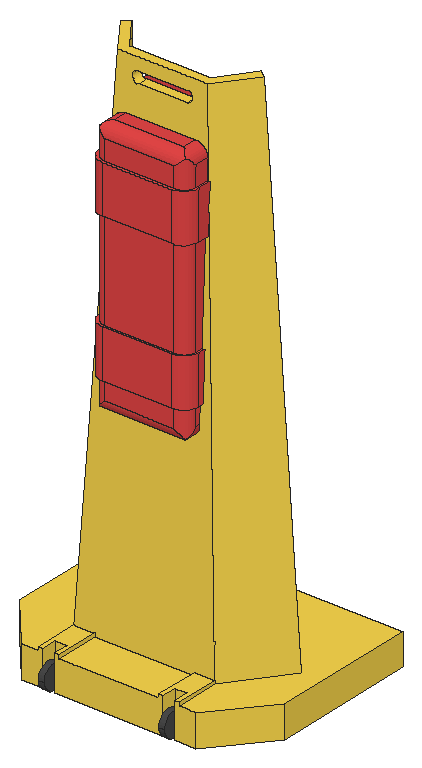
Revit family "Fire_Extinguisher_Cabinet-Strike_First-Centurion_Stand", category Specialty Equipment, Revit 2013
Parameters (values of type "10 lb Fire Extinguisher Stand")
  Width = if([10 lb Cabinet], 1' 10", 2' 3 1/2")  # 1' - 10"
  URL = "http://www.strikefirstusa.com/index.html"
  Type Comments = if([10 lb Cabinet], "10 lb Cabinet", "20 lb Cabinet")  # "10 lb Cabinet"
  Tub Back Offset = if([10 lb Cabinet], 0' 4 13/16", 0' 7 1/16")  # 0' - 4 13/16"
  Support Thickness = if([10 lb Cabinet], 0' 4", 0' 6")  # 0' - 4"
  Style = "Portable"  # constant formula
  Specification = "http://www.strikefirstusa.com/pdf/sf-arch-spec-2014.pdf"
  Product Page URL = "http://www.strikefirstusa.com/centurion.html"
  Product Name = "the CENTURION Portable Fire Extinguisher Stand"  # constant formula
  Product Documentation Link = "http://www.strikefirstusa.com/pdf/the-CENTURION-Portable-Fire-Extinguisher-Stand.pdf"
  Outer Tub Width = if([10 lb Cabinet], 0' 7 3/4", 0' 10")  # 0' - 7 3/4"
  Model = if([10 lb Cabinet], "CENTURION-10", "CENTURION-20")  # "CENTURION-10"
  Manufacturer = "Strike First Corporation of America"  # constant formula
  Height = if([10 lb Cabinet], 3' 9 3/4", 4' 8")  # 3' - 9 3/4"
  Glass = Glass-Strike_First-Acrylic
  Finish = Plastic-Strike_First-Yellow
  Description = "Portable Fire Extinguisher Stand"  # constant formula
  Depth = if([10 lb Cabinet], 1' 5 1/2", 1' 9")  # 1' - 5 1/2"
  Cabinet Finish = Plastic-Strike_First-Red
  Bottom Tub Offset = if([10 lb Cabinet], 2' 1 7/8", 2' 7 1/4")  # 2' - 1 7/8"
  Assembly Code = "D4030200"
  20 lb Cabinet = no
  10 lb Cabinet = not([20 lb Cabinet])  # yes
Types (3): name | Width | Type Comments | Tub Back Offset | Support Thickness | Outer Tub Width | Model | Height | Depth | Bottom Tub Offset | 20 lb Cabinet | 10 lb Cabinet
  (no name) | 1' - 10" | "10 lb Cabinet" | 0' - 4 13/16" | 0' - 4" | 0' - 7 3/4" | "CENTURION-10" | 3' - 9 3/4" | 1' - 5 1/2" | 2' - 1 7/8" | no | yes
  10 lb Fire Extinguisher Stand | 1' - 10" | "10 lb Cabinet" | 0' - 4 13/16" | 0' - 4" | 0' - 7 3/4" | "CENTURION-10" | 3' - 9 3/4" | 1' - 5 1/2" | 2' - 1 7/8" | no | yes
  20 lb Fire Extinguisher Stand | 2' - 3 1/2" | "20 lb Cabinet" | 0' - 7 1/16" | 0' - 6" | 0' - 10" | "CENTURION-20" | 4' - 8" | 1' - 9" | 2' - 7 1/4" | yes | no
Reference planes (in)
  plane 1 "Center (Front/Back)": y = 0
  plane 2 "Bottom": z = 0
  plane 3 "Center (Left/Right)": x = 0
  plane 4 "Front": y = 8.75
  plane 5 "Back": y = -8.75
  plane 6 "Left": x = -11
  plane 7 "Right": x = 11
  plane 8 "Top": z = 45.75
  plane 9 "Left Wheel": x = -5
  plane 10 "Right Wheel": x = 5
  plane 11: x = -3.875
  plane 12: x = 3.875
  plane 13: y = -4.8125
  plane 14: z = 38.75
  plane 15: z = 22.5
  plane 16 "Buttom Tub": z = 19.875
Forms (in)
  Blend 1, solid, material "Plastic-Strike_First-Yellow" <- "Finish", detail levels medium+fine
    base sketch origin (0, 0, 0) x (1, 0, 0) y (0, 1, 0)
      loop
        line (-5.97227, -4.44398) -> (5.97227, -4.44398) -> (9.453, 0.34683) -> (6.42063, 2.54998) -> (3.375, -1.64197) -> (-3.375, -1.64197) -> (-6.42063, 2.54998) -> (-9.453, 0.34683) -> (-5.97227, -4.44398)
    top sketch origin (0, 0, 45.75) x (-1, 0, 0) y (0, -1, 0)
      loop
        line (5.33435, -1.05485) -> (5.94112, -0.61401) -> (3.75714, 2.39197) -> (-3.75714, 2.39197) -> (-5.94112, -0.61401) -> (-5.33435, -1.05485) -> (-3.375, 1.64197) -> (3.375, 1.64197) -> (5.33435, -1.05485)
    from 0 to 0
  Extrusion 2, solid, material "Plastic-Strike_First-Yellow" <- "Finish", detail levels medium+fine
    sketch origin (0, 0, 0) x (1, 0, 0) y (0, 1, 0)
      loop
        line (-11, -3.50203) -> (-7.22575, -8) -> (-5.5, -8) -> (-5.5, -6.75) -> (-4.5, -6.75) -> (-4.5, -8) -> (4.5, -8) -> (4.5, -6.75) -> (5.5, -6.75) -> (5.5, -8) -> (7.22575, -8) -> (11, -3.50203) -> (11, 8.75) -> (-11, 8.75) -> (-11, -3.50203)
    from 0 to 2.67234
  Extrusion 3, solid, material "Plastic-Strike_First-Black", detail levels fine
    sketch origin (-5, 0, 0) x (0, 1, 0) y (0, 0, 1)
      loop
        circle (-7.75, 1) r 1
    from -0.25 to 0.25
  Extrusion 4, solid, material "Plastic-Strike_First-Black", detail levels fine
    sketch origin (5, 0, 0) x (0, 1, 0) y (0, 0, 1)
      loop
        circle (-7.75, 1) r 1
    from -0.25 to 0.25
  Extrusion 5, solid, material "Plastic-Strike_First-Yellow" <- "Finish", detail levels medium+fine
    sketch origin (0, 0, 0) x (1, 0, 0) y (0, 1, 0)
      loop
        line (-5.84288, -4.32412) -> (-5.84288, -8) -> (-5.5, -8) -> (-5.5, -6.75) -> (-4.5, -6.75) -> (-4.5, -8) -> (-4.15712, -8) -> (-4.15712, -4.32412) -> (-5.84288, -4.32412)
      loop
        line (5.84288, -4.32412) -> (4.15712, -4.32412) -> (4.15712, -8) -> (4.5, -8) -> (4.5, -6.75) -> (5.5, -6.75) -> (5.5, -8) -> (5.84288, -8) -> (5.84288, -4.32412)
    from 0 to 2.9508
  Extrusion 6, void
    sketch origin (0.04022, 0, 0) x (1, 0, 0) y (0, 0, 1)
      loop
        line (-2, 43.75) -> (2, 43.75)
        arc (2, 43.75) -> (2.5, 44.25) -> (2, 44.75) r 0.5
        line (2, 44.75) -> (-2, 44.75)
        arc (-2, 44.75) -> (-2.5, 44.25) -> (-2, 43.75) r 0.5
      loop
        arc (-2.91522, 41.375) -> (-3.62233, 41.08211) -> (-3.91522, 40.375) r 1
        line (-3.91522, 40.375) -> (-3.91522, 20.875)
        arc (-3.91522, 20.875) -> (-3.62233, 20.16789) -> (-2.91522, 19.875) r 1
        line (-2.91522, 19.875) -> (2.83478, 19.875)
        arc (2.83478, 19.875) -> (3.54188, 20.16789) -> (3.83478, 20.875) r 1
        line (3.83478, 20.875) -> (3.83478, 40.375)
        arc (3.83478, 40.375) -> (3.54188, 41.08211) -> (2.83478, 41.375) r 1
        line (2.83478, 41.375) -> (-2.91522, 41.375)
    from -8.75 to 8.75
  Extrusion 7, solid, material "Plastic-Strike_First-Red" <- "Cabinet Finish", detail levels medium+fine
    sketch origin (0, 0, 0) x (1, 0, 0) y (0, 1, 0)
      loop
        line (-3.875, -2.58434) -> (-4.125, -2.58434) -> (-4.125, -3.8125)
        arc (-4.125, -3.8125) -> (-3.75888, -4.69638) -> (-2.875, -5.0625) r 1.25
        line (-2.875, -5.0625) -> (2.875, -5.0625)
        arc (2.875, -5.0625) -> (3.75888, -4.69638) -> (4.125, -3.8125) r 1.25
        line (4.125, -3.8125) -> (4.125, -2.58434) -> (3.875, -2.58434) -> (3.875, -3.8125)
        arc (3.875, -3.8125) -> (3.58211, -4.51961) -> (2.875, -4.8125) r 1
        line (2.875, -4.8125) -> (-2.875, -4.8125)
        arc (-2.875, -4.8125) -> (-3.58211, -4.51961) -> (-3.875, -3.8125) r 1
        line (-3.875, -3.8125) -> (-3.875, -2.58434)
    from 34.75 to 38.75
  Extrusion 8, solid, material "Plastic-Strike_First-Red" <- "Cabinet Finish", detail levels medium+fine
    sketch origin (0, 0, 0) x (1, 0, 0) y (0, 1, 0)
      loop
        line (-3.875, -2.58434) -> (-4.125, -2.58434) -> (-4.125, -3.81283)
        arc (-4.125, -3.81283) -> (-3.75918, -4.69601) -> (-2.876, -5.06184) r 1.249
        line (-2.876, -5.06184) -> (2.875, -5.06184)
        arc (2.875, -5.06184) -> (3.75888, -4.69572) -> (4.125, -3.81184) r 1.25
        line (4.125, -3.81184) -> (4.125, -2.58434) -> (3.875, -2.58434) -> (3.875, -3.8125)
        arc (3.875, -3.8125) -> (3.58211, -4.51961) -> (2.875, -4.8125) r 1
        line (2.875, -4.8125) -> (-2.876, -4.8125)
        arc (-2.876, -4.8125) -> (-3.5824, -4.5199) -> (-3.875, -3.8135) r 0.999
        line (-3.875, -3.8135) -> (-3.875, -2.58434)
    from 26.5 to 22.5
  Extrusion 9, solid, material "Plastic-Strike_First-Yellow" <- "Finish", detail levels coarse
    sketch origin (0, 0, 0) x (1, 0, 0) y (0, 1, 0)
      loop
        line (-11, -8.75) -> (11, -8.75) -> (11, 8.75) -> (-11, 8.75) -> (-11, -8.75)
    from 0 to 2.67234
  Extrusion 10, solid, material "Plastic-Strike_First-Yellow" <- "Finish", detail levels coarse
    sketch origin (0, 0, 0) x (1, 0, 0) y (0, 1, 0)
      loop
        line (-7, 0.36244) -> (-7, -2.88756) -> (7, -2.88756) -> (7, 0.36244) -> (-7, 0.36244)
    from 0 to 45.75
Cuts and joins
  Extrusion 6 cuts Blend 1
  Extrusion 6 cuts Extrusion 2
  Extrusion 6 cuts Extrusion 5
  joined: Blend 1, Extrusion 2, Extrusion 5
  Extrusion 6 cuts Extrusion 10
Dimensions and locks (in)
  equal spacing: plane 4 "Front", plane 1 "Center (Front/Back)", plane 5 "Back"
  equal spacing: plane 6 "Left", plane 3 "Center (Left/Right)", plane 7 "Right"
  "Depth": plane 4 "Front" to plane 5 "Back"
  "Width": plane 6 "Left" to plane 7 "Right"
  "Height": plane 8 "Top" to level
  plane 1 "Center (Front/Back)" to nested 1 = 0' - 1 3/16"
  locked: Extrusion 3 sketch curve to level at 1
  locked: Extrusion 3 sketch curve to plane 5 "Back" at 1
  plane 8 "Top" to Extrusion 6 sketch curve to Extrusion 6 sketch curve = 0' - 1" locked, 0' - 1" locked
  locked: cut or joined group of Blend 1, Extrusion 2, Extrusion 5, Extrusion 6 to level at 2.9508
  Extrusion 6 sketch curve to plane 3 "Center (Left/Right)" to Extrusion 6 sketch curve = 0' - 2.04022" locked, 0' - 1.95978" locked
  Extrusion 2 sketch curve to Extrusion 2 sketch curve to Extrusion 2 sketch curve to Extrusion 2 sketch curve to Extrusion 2 sketch curve to Extrusion 2 sketch curve to Extrusion 2 sketch curve to plane 5 "Back" = 0' - 0" locked, 0' - 3.24797" locked, 0' - 0" locked, 0' - 1 1/4" locked, 0' - 0" locked, 0' - 0" locked, 0' - 0 3/4" locked
  Blend 1 sketch curve to Blend 1 sketch curve to plane 1 "Center (Front/Back)" to Blend 1 sketch curve to Blend 1 sketch curve to Blend 1 sketch curve to Blend 1 sketch curve = 0' - 2.80201" locked, 0' - 1.64197" locked, 0' - 0.34683" locked, 0' - 0" locked, 0' - 2.20315" locked, 0' - 0" locked
  plane 6 "Left" to Blend 1 sketch curve to Blend 1 sketch curve to Blend 1 sketch curve to Blend 1 sketch curve = 0' - 1.547" locked, 0' - 3.03237" locked, 0' - 0.44836" locked, 0' - 2.59727" locked
  Blend 1 sketch curve to Blend 1 sketch curve to Blend 1 sketch curve to Blend 1 sketch curve to plane 7 "Right" = 0' - 2.59727" locked, 0' - 0.44836" locked, 0' - 3.03237" locked, 0' - 1.547" locked
  Blend 1 sketch curve to Blend 1 sketch curve to plane 1 "Center (Front/Back)" to Blend 1 sketch curve to Blend 1 sketch curve to Blend 1 sketch curve to Blend 1 sketch curve = 0' - 0 3/4" locked, 0' - 1.64197" locked, 0' - 0.61401" locked, 0' - 0" locked, 0' - 0.44084" locked, 0' - 0" locked
  plane 6 "Left" to Blend 1 sketch curve to Blend 1 sketch curve to Blend 1 sketch curve to Blend 1 sketch curve = 0' - 5.05888" locked, 0' - 0.60676" locked, 0' - 1.57721" locked, 0' - 0.38214" locked
  Blend 1 sketch curve to Blend 1 sketch curve to Blend 1 sketch curve to Blend 1 sketch curve to plane 7 "Right" = 0' - 0.38214" locked, 0' - 1.57721" locked, 0' - 0.60676" locked, 0' - 5.05888" locked
  locked: nested 1 to plane 1 "Center (Front/Back)" at 2.4375
  locked: plane 8 "Top" to nested 1 at 3.5
  Extrusion 5 sketch curve to Extrusion 5 sketch curve to plane 10 "Right Wheel" to Extrusion 5 sketch curve to Extrusion 5 sketch curve = 0' - 0.34288" locked, 0' - 0 1/2" locked, 0' - 0 1/2" locked, 0' - 0.34288" locked
  Extrusion 5 sketch curve to Extrusion 5 sketch curve to plane 9 "Left Wheel" to Extrusion 5 sketch curve to Extrusion 5 sketch curve = 0' - 0.34288" locked, 0' - 0 1/2" locked, 0' - 0 1/2" locked, 0' - 0.34288" locked
  Extrusion 5 sketch curve to Extrusion 5 sketch curve to plane 1 "Center (Front/Back)" = 0' - 0" locked, 0' - 4.32412" locked
  locked: Extrusion 4 sketch curve to level at 1
  locked: Extrusion 4 sketch curve to plane 5 "Back" at 1
  Extrusion 5 sketch curve to Extrusion 5 sketch curve to Extrusion 5 sketch curve to Extrusion 5 sketch curve to Extrusion 5 sketch curve to Extrusion 5 sketch curve to plane 5 "Back" = 0' - 0" locked, 0' - 1 1/4" locked, 0' - 0" locked, 0' - 0" locked, 0' - 0" locked, 0' - 0 3/4" locked
  locked: plane 6 "Left" to Extrusion 2 sketch curve at 3.77425
  locked: Extrusion 2 sketch curve to plane 7 "Right" at 3.77425
  locked: plane 6 "Left" to plane 9 "Left Wheel" at 6
  locked: plane 10 "Right Wheel" to plane 7 "Right" at 6
  Extrusion 2 sketch curve to plane 9 "Left Wheel" to Extrusion 2 sketch curve = 0' - 0 1/2" locked, 0' - 0 1/2" locked
  Extrusion 2 sketch curve to plane 10 "Right Wheel" to Extrusion 2 sketch curve = 0' - 0 1/2" locked, 0' - 0 1/2" locked
  equal spacing: plane 11, plane 3 "Center (Left/Right)", plane 12
  "Outer Tub Width": plane 11 to plane 12
  locked: Extrusion 7 sketch curve to plane 11 at 0.25
  locked: plane 12 to Extrusion 7 sketch curve at 0.25
  "Tub Back Offset": plane 1 "Center (Front/Back)" to plane 13
  locked: plane 13 to Extrusion 7 sketch curve at 0.25
  locked: Extrusion 8 sketch curve to plane 11 at 0.25
  locked: plane 12 to Extrusion 8 sketch curve at 0.25
  locked: plane 13 to Extrusion 8 sketch curve at 0.24934
  Extrusion 8 sketch curve to Extrusion 8 sketch curve to plane 1 "Center (Front/Back)" = 0' - 0" locked, 0' - 2.58434" locked
  Extrusion 7 sketch curve to Extrusion 7 sketch curve to plane 1 "Center (Front/Back)" = 0' - 0" locked, 0' - 2.58434" locked
  locked: plane 8 "Top" to plane 14 at 7
  "Support Thickness": plane 14 to Extrusion 7
  "Support Thickness": Extrusion 8 to plane 15
  "Bottom Tub Offset": plane 8 "Top" to plane 16 "Buttom Tub"
  locked: plane 15 to plane 16 "Buttom Tub" at 2.625
  locked: plane 8 "Top" to Extrusion 6 sketch curve at 4.375
  locked: Extrusion 9 to level at 2.67234
  Extrusion 10 sketch curve to plane 1 "Center (Front/Back)" to Extrusion 10 sketch curve = 0' - 2.88756" locked, 0' - 0.36244" locked
  locked: plane 6 "Left" to Extrusion 10 sketch curve at 4
  locked: Extrusion 10 sketch curve to plane 7 "Right" at 4
  aligned and locked: level to plane 2 "Bottom"
  aligned and locked: nested 1 to plane 3 "Center (Left/Right)"
  aligned and locked: Blend 1 to level
  aligned and locked: Extrusion 5 to level
  aligned and locked: Extrusion 6 to plane 5 "Back"
  aligned and locked: plane 4 "Front" to Extrusion 6
  aligned and locked: plane 8 "Top" to Blend 1
  aligned and locked: plane 7 "Right" to Extrusion 2 sketch curve
  aligned and locked: Extrusion 2 sketch curve to plane 6 "Left"
  aligned and locked: plane 11 to Extrusion 7 sketch curve
  aligned and locked: Extrusion 7 sketch curve to plane 12
  aligned and locked: Extrusion 7 sketch curve to plane 13
  aligned and locked: plane 13 to Extrusion 8 sketch curve
  aligned and locked: plane 11 to Extrusion 8 sketch curve
  aligned and locked: Extrusion 8 sketch curve to plane 12
  aligned and locked: plane 14 to Extrusion 7
  aligned and locked: plane 15 to Extrusion 8
  aligned and locked: plane 12 to Extrusion 6 sketch curve
  aligned and locked: plane 11 to Extrusion 6 sketch curve
  aligned and locked: Extrusion 6 sketch curve to plane 16 "Buttom Tub"
  aligned and locked: plane 6 "Left" to Extrusion 9 sketch curve
  aligned and locked: Extrusion 9 sketch curve to plane 7 "Right"
  aligned and locked: Extrusion 9 sketch curve to plane 5 "Back"
  aligned and locked: plane 4 "Front" to Extrusion 9 sketch curve
  aligned and locked: Extrusion 9 to level
  aligned and locked: plane 8 "Top" to Extrusion 10
  aligned and locked: Extrusion 10 to level
Automatic sketch dimensions
  Extrusion 2 sketch curve to plane 4 "Front" = 0' - 0"
  Extrusion 7 sketch curve to Extrusion 7 sketch curve = 0' - 0"  (x2)
  Extrusion 7 sketch curve to plane 11 = 0' - 1"
  plane 13 to Extrusion 7 sketch curve = 0' - 1"
  plane 13 to Extrusion 8 sketch curve = 0' - 0.999"
  Extrusion 8 sketch curve to Extrusion 8 sketch curve = 0' - 0"  (x2)
  plane 12 to Extrusion 8 sketch curve = 0' - 1"
  Extrusion 6 sketch curve to plane 11 = 0' - 1"  (x2)
  plane 16 "Buttom Tub" to Extrusion 6 sketch curve = 0' - 1"
  plane 12 to Extrusion 6 sketch curve = 0' - 1"
  radius of Extrusion 3 sketch curve = 0' - 1"
  radius of Extrusion 4 sketch curve = 0' - 1"
Nested families (in)
  nested 1: "Fire_Extinguisher_Cabinet-Strike_First-Plastic_Cabinets-Nested" at (0, -1.1875, 19) x (-1, 0, 0) z (0, 0, 1), type "Fire_Extinguisher_Cabinet-Strike_First-Plastic_Cabinets-Nested"
    with Width 0' - 9 1/4", Tub Width 0' - 6 3/4", Tub Height 1' - 8 1/2", Tub Depth 0' - 6", Height 1' - 11 1/4", Depth 0' - 7 1/4", 20 lb Cabinet no, 10 lb Cabinet yes
Definition of nested family "Fire_Extinguisher_Cabinet-Strike_First-Plastic_Cabinets-Nested"
  Parameters (values of type "Fire_Extinguisher_Cabinet-Strike_First-Plastic_Cabinets-Nested")
    Width = if([10 lb Cabinet], 0' 9 1/4", 0' 11 1/2")  # 0' - 11 1/2"
    URL = "http://www.strikefirstusa.com/index.html"
    Type Comments = "For use with Centurion Extinguisher Stand"  # constant formula
    Tub Width = if([10 lb Cabinet], 0' 6 3/4", 0' 9")  # 0' - 9"
    Tub Height = if([10 lb Cabinet], 1' 8 1/2", 2' 2")  # 2' - 2"
    Tub Depth = if([10 lb Cabinet], 0' 6", 0' 8")  # 0' - 8"
    Model = "PC-PLASTIC Extinguisher Cabinets"  # constant formula
    Manufacturer = "Strike First Corporation of America"  # constant formula
    Height = if([10 lb Cabinet], 1' 11 1/4", 2' 4 1/2")  # 2' - 4 1/2"
    Glass = Glass-Strike_First-Acrylic
    Finish = Plastic-Strike_First-Red
    Description = "Fire Extinguisher Cabinet"  # constant formula
    Depth = if([10 lb Cabinet], 0' 7 1/4", 0' 9 1/2")  # 0' - 9 1/2"
    Assembly Code = "D4030200"
    20 lb Cabinet = yes
    10 lb Cabinet = no
  Reference planes (in)
    plane 1 "Center (Front/Back)": y = 0
    plane 2 "Bottom": z = 0
    plane 3 "Center (Left/Right)": x = 0
    plane 4 "Front": y = 4.75
    plane 5 "Back": y = -4.75
    plane 6 "Left": x = -5.75
    plane 7 "Right": x = 5.75
    plane 8 "Top": z = 28.5
    plane 9: x = -4.5
    plane 10: x = 4.5
    plane 11: z = 27.25
    plane 12: z = 1.25
    plane 13: z = 14.25
    plane 14 "Front of Tub": y = -3.25
  Forms (in)
    Extrusion 1, solid, material "Plastic-Strike_First-Red" <- "Finish"
      sketch origin (0, 0, 0) x (1, 0, 0) y (0, 0, 1)
        loop
          line (-3.75, 1.25) -> (3.75, 1.25)
          arc (3.75, 1.25) -> (4.28033, 1.46967) -> (4.5, 2) r 0.75
          line (4.5, 2) -> (4.5, 26.5)
          arc (4.5, 26.5) -> (4.28033, 27.03033) -> (3.75, 27.25) r 0.75
          line (3.75, 27.25) -> (-3.75, 27.25)
          arc (-3.75, 27.25) -> (-4.28033, 27.03033) -> (-4.5, 26.5) r 0.75
          line (-4.5, 26.5) -> (-4.5, 2)
          arc (-4.5, 2) -> (-4.28033, 1.46967) -> (-3.75, 1.25) r 0.75
        loop
          line (4, 27.75) -> (-4, 27.75)
          arc (-4, 27.75) -> (-4.70711, 27.45711) -> (-5, 26.75) r 1
          line (-5, 26.75) -> (-5, 1.75)
          arc (-5, 1.75) -> (-4.70711, 1.04289) -> (-4, 0.75) r 1
          line (-4, 0.75) -> (4, 0.75)
          arc (4, 0.75) -> (4.70711, 1.04289) -> (5, 1.75) r 1
          line (5, 1.75) -> (5, 26.75)
          arc (5, 26.75) -> (4.70711, 27.45711) -> (4, 27.75) r 1
      from -4.75 to 3.25
    Extrusion 2, solid, material "Plastic-Strike_First-Red" <- "Finish"
      sketch origin (0, 0, 0) x (1, 0, 0) y (0, 0, 1)
        loop
          line (-4.69702, 0) -> (4.69702, 0)
          arc (4.69702, 0) -> (5.44159, 0.30841) -> (5.75, 1.05298) r 1.05298
          line (5.75, 1.05298) -> (5.75, 27.44702)
          arc (5.75, 27.44702) -> (5.44159, 28.19159) -> (4.69702, 28.5) r 1.05298
          line (4.69702, 28.5) -> (-4.69702, 28.5)
          arc (-4.69702, 28.5) -> (-5.44159, 28.19159) -> (-5.75, 27.44702) r 1.05298
          line (-5.75, 27.44702) -> (-5.75, 1.05298)
          arc (-5.75, 1.05298) -> (-5.44159, 0.30841) -> (-4.69702, 0) r 1.05298
        loop
          line (-3.75, 1.25) -> (-0.5, 1.25)
          arc (-0.5, 1.25) -> (0, 1.75) -> (0.5, 1.25) r 0.5
          line (0.5, 1.25) -> (3.75, 1.25)
          arc (3.75, 1.25) -> (4.28033, 1.46967) -> (4.5, 2) r 0.75
          line (4.5, 2) -> (4.5, 26.5)
          arc (4.5, 26.5) -> (4.28033, 27.03033) -> (3.75, 27.25) r 0.75
          line (3.75, 27.25) -> (-3.75, 27.25)
          arc (-3.75, 27.25) -> (-4.28033, 27.03033) -> (-4.5, 26.5) r 0.75
          line (-4.5, 26.5) -> (-4.5, 2)
          arc (-4.5, 2) -> (-4.28033, 1.46967) -> (-3.75, 1.25) r 0.75
      from 3.25 to 4.75
    Extrusion 3, void
      sketch origin (-5.75, 0, 0) x (0, -1, 0) y (0, 0, 1)
        loop
          arc (-4.75, 26.75) -> (-4.45711, 27.45711) -> (-3.75, 27.75) r 1
          line (-3.75, 27.75) -> (-4.75, 27.75) -> (-4.75, 26.75)
        loop
          line (-4.75, 1.75) -> (-4.75, 0.75) -> (-3.75, 0.75)
          arc (-3.75, 0.75) -> (-4.45711, 1.04289) -> (-4.75, 1.75) r 1
      from -11.5 to 0
    Extrusion 4, solid, material "Plastic-Strike_First-Red" <- "Finish"
      sketch origin (0, 4.75, 0) x (-1, 0, 0) y (0, 0, 1)
        loop
          arc (3.75, 1.25) -> (4.28033, 1.46967) -> (4.5, 2) r 0.75
          line (4.5, 2) -> (4.5, 26.5)
          arc (4.5, 26.5) -> (4.28033, 27.03033) -> (3.75, 27.25) r 0.75
          line (3.75, 27.25) -> (-3.75, 27.25)
          arc (-3.75, 27.25) -> (-4.28033, 27.03033) -> (-4.5, 26.5) r 0.75
          line (-4.5, 26.5) -> (-4.5, 2)
          arc (-4.5, 2) -> (-4.28033, 1.46967) -> (-3.75, 1.25) r 0.75
          line (-3.75, 1.25) -> (3.75, 1.25)
      from -0.5 to 0
    Extrusion 5, solid, material "Glass-Strike_First-Acrylic" <- "Glass"
      sketch origin (0, -3.25, 0) x (-1, 0, 0) y (0, 0, 1)
        loop
          arc (3.75, 1.25) -> (4.28033, 1.46967) -> (4.5, 2) r 0.75
          line (4.5, 2) -> (4.5, 26.5)
          arc (4.5, 26.5) -> (4.28033, 27.03033) -> (3.75, 27.25) r 0.75
          line (3.75, 27.25) -> (-3.75, 27.25)
          arc (-3.75, 27.25) -> (-4.28033, 27.03033) -> (-4.5, 26.5) r 0.75
          line (-4.5, 26.5) -> (-4.5, 2)
          arc (-4.5, 2) -> (-4.28033, 1.46967) -> (-3.75, 1.25) r 0.75
          line (-3.75, 1.25) -> (3.75, 1.25)
      from 0 to 0.125
    Extrusion 6, void
      sketch origin (0, 0, 0) x (1, 0, 0) y (0, 1, 0)
        loop
          line (-4, 4.75) -> (-5, 4.75) -> (-5, 3.75)
          arc (-5, 3.75) -> (-4.70711, 4.45711) -> (-4, 4.75) r 1
        loop
          arc (4, 4.75) -> (4.70711, 4.45711) -> (5, 3.75) r 1
          line (5, 3.75) -> (5, 4.75) -> (4, 4.75)
      from 0 to 28.5
  Cuts and joins
    Extrusion 3, Extrusion 6 cuts Extrusion 1
    Extrusion 3, Extrusion 6 cuts Extrusion 4
    joined: Extrusion 1, Extrusion 4
  Lines and regions (in)
    model lines, detail levels fine
      curve 1: line (-4.5, -3.25, 20.75) -> (4.5, -3.25, 20.75)
      curve 2: line (-4.5, -3.25, 14.25) -> (4.5, -3.25, 14.25)
      curve 3: line (-4.5, -3.25, 7.75) -> (4.5, -3.25, 7.75)
      curve 4: line (-1.5, -3.25, 1.25) -> (-1.5, -3.25, 27.25)
      curve 5: line (1.5, -3.25, 27.25) -> (1.5, -3.25, 1.25)
  Dimensions and locks (in)
    equal spacing: plane 4 "Front", plane 1 "Center (Front/Back)", plane 5 "Back"
    "Depth": plane 4 "Front" to plane 5 "Back"
    equal spacing: plane 6 "Left", plane 3 "Center (Left/Right)", plane 7 "Right"
    "Width": plane 6 "Left" to plane 7 "Right"
    "Height": plane 8 "Top" to level
    equal spacing: plane 8 "Top", plane 13, level
    equal spacing: plane 11, plane 13, plane 12
    "Tub Height": plane 11 to plane 12
    equal spacing: plane 9, plane 3 "Center (Left/Right)", plane 10
    "Tub Width": plane 9 to plane 10
    "Tub Depth": plane 4 "Front" to plane 14 "Front of Tub"
    locked: Extrusion 1 sketch curve to plane 11 at 0.5
    locked: plane 12 to Extrusion 1 sketch curve at 0.5
    locked: Extrusion 1 sketch curve to plane 9 at 0.5
    locked: plane 10 to Extrusion 1 sketch curve at 0.5
    locked: plane 3 "Center (Left/Right)" to Extrusion 2 sketch curve at 0
    equal spacing: plane 11, curve 1, plane 13
    equal spacing: plane 13, curve 3, plane 12
    equal spacing: plane 9, curve 4, curve 5, plane 10
    locked: Extrusion 5 to plane 14 "Front of Tub" at 0.125
    locked: Extrusion 3 sketch curve to plane 11 at 0.5
    locked: plane 12 to Extrusion 3 sketch curve at 0.5
    locked: plane 10 to Extrusion 6 sketch curve at 0.5
    locked: Extrusion 6 sketch curve to plane 9 at 0.5
    aligned and locked: plane 2 "Bottom" to level
    aligned and locked: Extrusion 1 sketch curve to plane 12
    aligned and locked: plane 9 to Extrusion 1 sketch curve
    aligned and locked: Extrusion 1 sketch curve to plane 10
    aligned and locked: plane 11 to Extrusion 1 sketch curve
    aligned and locked: plane 4 "Front" to Extrusion 1
    aligned and locked: Extrusion 1 to plane 14 "Front of Tub"
    aligned and locked: Extrusion 2 sketch curve to level
    aligned and locked: plane 6 "Left" to Extrusion 2 sketch curve
    aligned and locked: plane 8 "Top" to Extrusion 2 sketch curve
    aligned and locked: Extrusion 2 sketch curve to plane 10
    aligned and locked: Extrusion 2 sketch curve to plane 12  (x2)
    aligned and locked: plane 11 to Extrusion 2 sketch curve
    aligned and locked: plane 9 to Extrusion 2 sketch curve
    aligned and locked: Extrusion 2 sketch curve to plane 7 "Right"
    aligned and locked: plane 14 "Front of Tub" to Extrusion 2
    aligned and locked: Extrusion 2 to plane 5 "Back"
    aligned and locked: plane 9 to curve 2
    aligned and locked: plane 10 to curve 2
    aligned and locked: plane 9 to curve 3
    aligned and locked: plane 10 to curve 3
    aligned and locked: plane 9 to curve 1
    aligned and locked: plane 10 to curve 1
    aligned and locked: plane 13 to curve 2
    aligned and locked: plane 12 to curve 4
    aligned and locked: plane 12 to curve 5
    aligned and locked: plane 11 to curve 5
    aligned and locked: plane 11 to curve 4
    aligned and locked: Extrusion 3 to plane 7 "Right"
    aligned and locked: plane 6 "Left" to Extrusion 3
    aligned and locked: plane 12 to Extrusion 4 sketch curve
    aligned and locked: Extrusion 4 sketch curve to plane 11
    aligned and locked: Extrusion 4 sketch curve to plane 9
    aligned and locked: plane 10 to Extrusion 4 sketch curve
    aligned and locked: plane 4 "Front" to Extrusion 4
    aligned and locked: plane 12 to Extrusion 5 sketch curve
    aligned and locked: Extrusion 5 sketch curve to plane 11
    aligned and locked: Extrusion 5 sketch curve to plane 9
    aligned and locked: plane 10 to Extrusion 5 sketch curve
    aligned and locked: Extrusion 5 to plane 14 "Front of Tub"
    aligned and locked: plane 8 "Top" to Extrusion 6
    aligned and locked: Extrusion 6 to level
    aligned and locked: Extrusion 3 sketch curve to plane 4 "Front"
    aligned and locked: plane 4 "Front" to Extrusion 3 sketch curve
    aligned and locked: Extrusion 6 sketch curve to plane 4 "Front"
    aligned and locked: plane 4 "Front" to Extrusion 6 sketch curve
  Automatic sketch dimensions
    Extrusion 1 sketch curve to Extrusion 1 sketch curve = 0' - 0 1/4"  (x4)
    Extrusion 1 sketch curve to plane 9 = 0' - 0 3/4"  (x2)
    plane 10 to Extrusion 1 sketch curve = 0' - 0 1/2"  (x2)
    plane 9 to Extrusion 2 sketch curve = 0' - 0.19702"  (x2)
    Extrusion 2 sketch curve to plane 9 = 0' - 0 3/4"  (x2)
    Extrusion 2 sketch curve to plane 3 "Center (Left/Right)" = 0' - 0 1/2"
    plane 10 to Extrusion 2 sketch curve = 0' - 0 3/4"
    Extrusion 2 sketch curve to plane 10 = 0' - 0.19702"  (x2)
    plane 10 to Extrusion 4 sketch curve = 0' - 0 3/4"  (x2)
    Extrusion 4 sketch curve to plane 9 = 0' - 0 3/4"
    Extrusion 2 sketch curve to plane 11 = 0' - 0 3/4"
    Extrusion 4 sketch curve to plane 11 = 0' - 0 3/4"
    plane 10 to Extrusion 5 sketch curve = 0' - 0 3/4"  (x2)
    plane 12 to Extrusion 5 sketch curve = 0' - 0 3/4"
    Extrusion 5 sketch curve to plane 9 = 0' - 0 3/4"
    Extrusion 3 sketch curve to plane 4 "Front" = 0' - 0"  (x2)
    Extrusion 3 sketch curve to Extrusion 3 sketch curve = 0' - 1"
    Extrusion 3 sketch curve to plane 4 "Front" = 0' - 1"
    Extrusion 3 sketch curve to Extrusion 3 sketch curve = 0' - 0"  (x5)
    Extrusion 3 sketch curve to plane 11 = 0' - 0 1/2"
    Extrusion 6 sketch curve to plane 4 "Front" = 0' - 1"
    plane 10 to Extrusion 6 sketch curve = 0' - 0 1/2"
